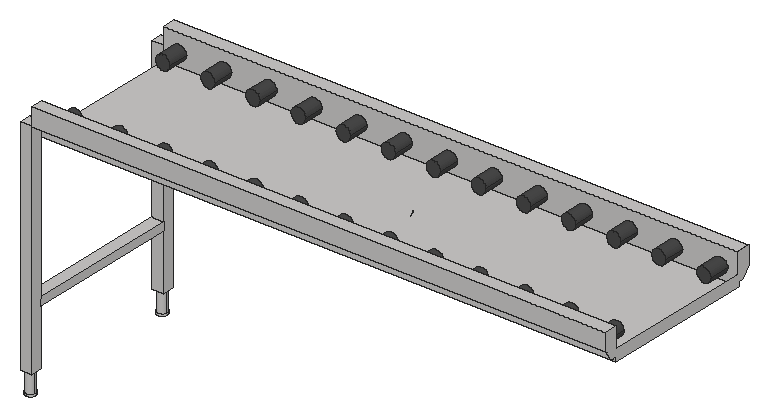
Revit family "QF_ELECTROLUXPROFESSIONAL_863007_HSSRC20", category Specialty Equipment, Revit 2018
Family settings
  Round Connector Dimension = Use Diameter
  Part Type = Normal
  Work Plane-Based = No
  Always vertical = Yes
  Cut with Voids When Loaded = No
  Shared = No
  Room Calculation Point = No
Parameters
  Weight = 0.00 kg
  Watts = 0 W
  Volts = 0 V
  URL Manufacturer = "http://professional.electrolux.com/"
  URL = "http://professional.electrolux.com/"
  Steam Supply Size = 0 mm
  Steam Supply Minimum Pressure = 0.0 Pa
  Steam Supply Maximum Pressure = 0.0 Pa
  Steam Pounds per Hour = 0
  Refrigeration Suction Line Size = 0 mm
  Refrigeration Liquid Line Size = 0 mm
  Refrigerant Compressor Remote = yes
  Manufacturer = "Electrolux"
  Phase = 0
  Model = "HSSRC20"
  Length Actual = 2000 mm  # constant formula
  Item Number = "863007"
  Hot Water Size = 0 mm
  Height Actual = 910 mm  # constant formula
  HP = "0 HP"
  Gas Size = 0 mm
  Gas KW = 0
  Gas Input Pressure = 0 W
  Description = "CONVEYOR, SHORT ROLLERS, L=2000 MM"
  Depth Actual = 620 mm  # constant formula
  Cycle = 0 Hz
  Condensate Return Size = 0 mm
  Compressed Air Volume = 0.0 L/s
  Compressed Air Size = 0 mm
  Compressed Air Pressure = 0.0 Pa
  Cold Water Size = 0 mm
  Accessory = yes
Reference planes
  plane 1 "Centro (Fronte/Retro)": y = 74.737
  plane 2: z = 0
  plane 3 "LEFT": x = -1038.761
  plane 4 "BACK": y = 384.737
  plane 5 "FRONT": y = -235.263
  plane 6: z = 910
  plane 7 "RIGHT": x = 961.239
  plane 8: x = -8.761
Forms (mm)
  Extrusion 1, solid, material "QF_Finishes_Stainless Steel"
    sketch origin (0, 74.737, 0) x (1, 0, 0) y (0, 0, 1)
      loop
        line (-1079.929, 300) -> (-1079.929, 270) -> (-1039.929, 270) -> (-1039.929, 300) -> (-1079.929, 300)
    from -266.504 to 266.46
  Extrusion 2, solid, material "QF_Finishes_Stainless Steel"
    sketch origin (11.239, 0, 0) x (0, 1, 0) y (0, 0, 1)
      loop
        line (-235.263, 910) -> (-235.263, 850.033) -> (-190.242, 850.033) -> (-190.242, 910) -> (-235.263, 910)
      loop
        line (384.737, 910) -> (339.716, 910) -> (339.716, 850.033) -> (384.737, 850.033) -> (384.737, 910)
    from -1050 to 948.8
  Extrusion 3, solid, material "QF_Finishes_Stainless Steel"
    sketch origin (11.239, 0, 0) x (0, 1, 0) y (0, 0, 1)
      loop
        line (-191.727, 850.033) -> (-191.727, 800.081) -> (341.245, 800.081) -> (341.245, 850.033) -> (339.716, 850.033) -> (339.716, 803.081) -> (-190.242, 803.081) -> (-190.242, 850.033) -> (-191.727, 850.033)
    from -1050 to 948.8
  Extrusion 4, solid, material "QF_Finishes_Stainless Steel"
    sketch origin (2461.239, 723.253, 4000) x (0, 1, 0) y (0, 0, 1)
      loop
        line (-958.516, -3090) -> (-958.516, -3149.967) -> (-934.752, -3185.632) -> (-915.4, -3185.632) -> (-915.4, -3199.919) -> (-381.633, -3199.919) -> (-381.633, -3185.632) -> (-362.281, -3185.632) -> (-338.516, -3149.967) -> (-338.516, -3090) -> (-383.538, -3090) -> (-383.538, -3161.926) -> (-913.495, -3161.926) -> (-913.495, -3090) -> (-958.516, -3090)
    from -1500 to -1501.2
  Revolve 5, solid, material "QF_Finishes_Stainless Steel"
    sketch origin (-38.746, 0, 0) x (0, 1, 0) y (0, 0, 1)
      loop
        line (74.737, 800.081) -> (12.53, 800.081) -> (12.319, 797.4) -> (12.319, 785.476) -> (17.293, 785.476) -> (17.293, 781.772)
        arc (17.293, 781.772) -> (20.266, 773.808) -> (27.77, 769.813) r 11.998
        line (27.77, 769.813) -> (74.737, 764.085) -> (74.737, 800.081)
      axis (74.737, 764.085) -> (74.737, 800.081)
    angle from 0 to 360
  Revolve 6, solid, material "QF_Finishes_Stainless Steel"
    sketch origin (-8.746, -1524, 744.096) x (0, 0, 1) y (0, -1, 0)
      loop
        line (13.017, -1619.713) -> (30, -1619.713) -> (30, -1598.737) -> (0, -1598.737) -> (0, -1619.713) -> (2.434, -1622.253) -> (10.477, -1622.253) -> (13.017, -1619.713)
      axis (0, -1598.737) -> (30, -1598.737)
    angle from 0 to 360
  Extrusion 7, solid, material "QF_Finishes_Black"
    sketch origin (0, 74.737, 0) x (1, 0, 0) y (0, 0, 1)
      loop
        circle (-980.637, 850.115) r 25
      loop
        circle (-823.648, 850.115) r 25
      loop
        circle (-666.658, 850.115) r 25
      loop
        circle (-509.668, 850.115) r 25
      loop
        circle (-352.678, 850.115) r 25
      loop
        circle (-38.699, 850.115) r 25
      loop
        circle (118.291, 850.115) r 25
      loop
        circle (432.27, 850.115) r 25
      loop
        circle (275.28, 850.115) r 25
      loop
        circle (903.239, 850.115) r 25
      loop
        circle (589.26, 850.115) r 25
      loop
        circle (746.249, 850.115) r 25
      loop
        circle (-195.689, 850.115) r 25
    from 190.58 to 260.534
  Extrusion 8, solid, material "QF_Finishes_Black"
    sketch origin (0, 74.737, 0) x (1, 0, 0) y (0, 0, -1)
      loop
        circle (-980.637, -850.115) r 25
      loop
        circle (-823.648, -850.115) r 25
      loop
        circle (-666.658, -850.115) r 25
      loop
        circle (-509.668, -850.115) r 25
      loop
        circle (-352.678, -850.115) r 25
      loop
        circle (-38.699, -850.115) r 25
      loop
        circle (118.291, -850.115) r 25
      loop
        circle (432.27, -850.115) r 25
      loop
        circle (275.28, -850.115) r 25
      loop
        circle (903.239, -850.115) r 25
      loop
        circle (589.26, -850.115) r 25
      loop
        circle (746.249, -850.115) r 25
      loop
        circle (-195.689, -850.115) r 25
    from 190.58 to 260.534
Cuts and joins
  joined: Extrusion 2, Extrusion 3
Lines and regions (mm)
  Split face 1
    outline origin (2008.239, 339.716, 803.081) x (-1, 0, 0) y (0, -1, 0)
      loop
        circle (2047, 264.904) r 3.016
  Split face 2
    outline origin (2008.239, 339.716, 803.081) x (-1, 0, 0) y (0, -1, 0)
      loop
        circle (2047, 264.904) r 52.991
  Split face 3
    outline origin (2008.239, 339.716, 803.081) x (-1, 0, 0) y (0, -1, 0)
      loop
        circle (2047, 264.904) r 36.015
  Split face 4
    outline origin (2008.239, 339.716, 803.081) x (-1, 0, 0) y (0, -1, 0)
      loop
        circle (2047, 264.904) r 26.027
  Split face 5
    outline origin (2008.239, 339.716, 803.081) x (-1, 0, 0) y (0, -1, 0)
      loop
        circle (2047, 264.904) r 9.056
  Masking region 1
    outline origin (0, 0, 0) x (1, 0, 0) y (0, 1, 0)
      loop
        line (-1038.761, 384.737) -> (-1038.761, -235.263) -> (961.239, -235.263) -> (961.239, 384.737) -> (-1038.761, 384.737)
  symbolic lines
    curve 1: line (961.239, 384.737, 0) -> (-1038.761, 384.737, 0)
    curve 2: line (-1038.761, 384.737, 0) -> (-1038.761, -235.263, 0)
    curve 3: line (-1038.761, 339.716, 0) -> (961.239, 339.716, 0)
    curve 4: line (-1038.761, -235.263, 0) -> (961.239, -235.263, 0)
    curve 5: line (961.239, -235.263, 0) -> (961.239, 384.737, 0)
    curve 6: line (961.239, -190.242, 0) -> (-1038.761, -190.242, 0)
    curve 7: line (961.239, 74.737, 0) -> (931.239, 74.737, 0)
    curve 8: line (-1038.761, 74.737, 0) -> (-1008.761, 74.737, 0)
    curve 9: arc (-38.685, 12.319, 0) -> (-101.104, 74.737, 0) -> (-38.685, 137.156, 0) r 62.418
    curve 10: arc (-38.685, 137.156, 0) -> (23.733, 74.737, 0) -> (-38.685, 12.319, 0) r 62.418
    curve 11: arc (-8.685, 95.713, 0) -> (-29.662, 74.737, 0) -> (-8.685, 53.761, 0) r 20.976
    curve 12: arc (-8.685, 53.761, 0) -> (12.291, 74.737, 0) -> (-8.685, 95.713, 0) r 20.976
    curve 13: line (-955.637, -115.842, 0) -> (-1005.637, -115.842, 0)
    curve 14: line (-1005.637, -115.842, 0) -> (-1005.637, -185.797, 0)
    curve 15: line (-1005.637, -185.797, 0) -> (-955.637, -185.797, 0)
    curve 16: line (-955.637, -185.797, 0) -> (-955.637, -115.842, 0)
    curve 17: line (457.27, -115.842, 0) -> (407.27, -115.842, 0)
    curve 18: line (407.27, -115.842, 0) -> (407.27, -185.797, 0)
    curve 19: line (407.27, -185.797, 0) -> (457.27, -185.797, 0)
    curve 20: line (457.27, -185.797, 0) -> (457.27, -115.842, 0)
    curve 21: line (-848.648, -115.842, 0) -> (-798.648, -115.842, 0)
    curve 22: line (-798.648, -115.842, 0) -> (-798.648, -185.797, 0)
    curve 23: line (-798.648, -185.797, 0) -> (-848.648, -185.797, 0)
    curve 24: line (-848.648, -185.797, 0) -> (-848.648, -115.842, 0)
    curve 25: line (-641.658, -115.842, 0) -> (-691.658, -115.842, 0)
    curve 26: line (-691.658, -115.842, 0) -> (-691.658, -185.797, 0)
    curve 27: line (-691.658, -185.797, 0) -> (-641.658, -185.797, 0)
    curve 28: line (-641.658, -185.797, 0) -> (-641.658, -115.842, 0)
    curve 29: line (-484.668, -115.842, 0) -> (-534.668, -115.842, 0)
    curve 30: line (-534.668, -115.842, 0) -> (-534.668, -185.797, 0)
    curve 31: line (-534.668, -185.797, 0) -> (-484.668, -185.797, 0)
    curve 32: line (-484.668, -185.797, 0) -> (-484.668, -115.842, 0)
    curve 33: line (-327.678, -115.842, 0) -> (-377.678, -115.842, 0)
    curve 34: line (-377.678, -115.842, 0) -> (-377.678, -185.797, 0)
    curve 35: line (-377.678, -185.797, 0) -> (-327.678, -185.797, 0)
    curve 36: line (-327.678, -185.797, 0) -> (-327.678, -115.842, 0)
    curve 37: line (-170.689, -115.842, 0) -> (-220.689, -115.842, 0)
    curve 38: line (-220.689, -115.842, 0) -> (-220.689, -185.797, 0)
    curve 39: line (-220.689, -185.797, 0) -> (-170.689, -185.797, 0)
    curve 40: line (-170.689, -185.797, 0) -> (-170.689, -115.842, 0)
    curve 41: line (-13.699, -115.842, 0) -> (-63.699, -115.842, 0)
    curve 42: line (-63.699, -115.842, 0) -> (-63.699, -185.797, 0)
    curve 43: line (-63.699, -185.797, 0) -> (-13.699, -185.797, 0)
    curve 44: line (-13.699, -185.797, 0) -> (-13.699, -115.842, 0)
    curve 45: line (143.291, -115.842, 0) -> (93.291, -115.842, 0)
    curve 46: line (93.291, -115.842, 0) -> (93.291, -185.797, 0)
    curve 47: line (93.291, -185.797, 0) -> (143.291, -185.797, 0)
    curve 48: line (143.291, -185.797, 0) -> (143.291, -115.842, 0)
    curve 49: line (300.28, -115.842, 0) -> (250.28, -115.842, 0)
    curve 50: line (250.28, -115.842, 0) -> (250.28, -185.797, 0)
    curve 51: line (250.28, -185.797, 0) -> (300.28, -185.797, 0)
    curve 52: line (300.28, -185.797, 0) -> (300.28, -115.842, 0)
    curve 53: line (928.239, -115.842, 0) -> (878.239, -115.842, 0)
    curve 54: line (878.239, -115.842, 0) -> (878.239, -185.797, 0)
    curve 55: line (878.239, -185.797, 0) -> (928.239, -185.797, 0)
    curve 56: line (928.239, -185.797, 0) -> (928.239, -115.842, 0)
    curve 57: line (614.26, -115.842, 0) -> (564.26, -115.842, 0)
    curve 58: line (564.26, -115.842, 0) -> (564.26, -185.797, 0)
    curve 59: line (564.26, -185.797, 0) -> (614.26, -185.797, 0)
    curve 60: line (614.26, -185.797, 0) -> (614.26, -115.842, 0)
    curve 61: line (771.249, -115.842, 0) -> (721.249, -115.842, 0)
    curve 62: line (721.249, -115.842, 0) -> (721.249, -185.797, 0)
    curve 63: line (721.249, -185.797, 0) -> (771.249, -185.797, 0)
    curve 64: line (771.249, -185.797, 0) -> (771.249, -115.842, 0)
    curve 65: line (-955.637, 265.317, 0) -> (-1005.637, 265.317, 0)
    curve 66: line (-1005.637, 265.317, 0) -> (-1005.637, 335.271, 0)
    curve 67: line (-1005.637, 335.271, 0) -> (-955.637, 335.271, 0)
    curve 68: line (-955.637, 335.271, 0) -> (-955.637, 265.317, 0)
    curve 69: line (457.27, 265.317, 0) -> (407.27, 265.317, 0)
    curve 70: line (407.27, 265.317, 0) -> (407.27, 335.271, 0)
    curve 71: line (407.27, 335.271, 0) -> (457.27, 335.271, 0)
    curve 72: line (457.27, 335.271, 0) -> (457.27, 265.317, 0)
    curve 73: line (-848.648, 265.317, 0) -> (-798.648, 265.317, 0)
    curve 74: line (-798.648, 265.317, 0) -> (-798.648, 335.271, 0)
    curve 75: line (-798.648, 335.271, 0) -> (-848.648, 335.271, 0)
    curve 76: line (-848.648, 335.271, 0) -> (-848.648, 265.317, 0)
    curve 77: line (-641.658, 265.317, 0) -> (-691.658, 265.317, 0)
    curve 78: line (-691.658, 265.317, 0) -> (-691.658, 335.271, 0)
    curve 79: line (-691.658, 335.271, 0) -> (-641.658, 335.271, 0)
    curve 80: line (-641.658, 335.271, 0) -> (-641.658, 265.317, 0)
    curve 81: line (-484.668, 265.317, 0) -> (-534.668, 265.317, 0)
    curve 82: line (-534.668, 265.317, 0) -> (-534.668, 335.271, 0)
    curve 83: line (-534.668, 335.271, 0) -> (-484.668, 335.271, 0)
    curve 84: line (-484.668, 335.271, 0) -> (-484.668, 265.317, 0)
    curve 85: line (-327.678, 265.317, 0) -> (-377.678, 265.317, 0)
    curve 86: line (-377.678, 265.317, 0) -> (-377.678, 335.271, 0)
    curve 87: line (-377.678, 335.271, 0) -> (-327.678, 335.271, 0)
    curve 88: line (-327.678, 335.271, 0) -> (-327.678, 265.317, 0)
    curve 89: line (-170.689, 265.317, 0) -> (-220.689, 265.317, 0)
    curve 90: line (-220.689, 265.317, 0) -> (-220.689, 335.271, 0)
    curve 91: line (-220.689, 335.271, 0) -> (-170.689, 335.271, 0)
    curve 92: line (-170.689, 335.271, 0) -> (-170.689, 265.317, 0)
    curve 93: line (-13.699, 265.317, 0) -> (-63.699, 265.317, 0)
    curve 94: line (-63.699, 265.317, 0) -> (-63.699, 335.271, 0)
    curve 95: line (-63.699, 335.271, 0) -> (-13.699, 335.271, 0)
    curve 96: line (-13.699, 335.271, 0) -> (-13.699, 265.317, 0)
    curve 97: line (143.291, 265.317, 0) -> (93.291, 265.317, 0)
    curve 98: line (93.291, 265.317, 0) -> (93.291, 335.271, 0)
    curve 99: line (93.291, 335.271, 0) -> (143.291, 335.271, 0)
    curve 100: line (143.291, 335.271, 0) -> (143.291, 265.317, 0)
    curve 101: line (300.28, 265.317, 0) -> (250.28, 265.317, 0)
    curve 102: line (250.28, 265.317, 0) -> (250.28, 335.271, 0)
    curve 103: line (250.28, 335.271, 0) -> (300.28, 335.271, 0)
    curve 104: line (300.28, 335.271, 0) -> (300.28, 265.317, 0)
    curve 105: line (928.239, 265.317, 0) -> (878.239, 265.317, 0)
    curve 106: line (878.239, 265.317, 0) -> (878.239, 335.271, 0)
    curve 107: line (878.239, 335.271, 0) -> (928.239, 335.271, 0)
    curve 108: line (928.239, 335.271, 0) -> (928.239, 265.317, 0)
    curve 109: line (614.26, 265.317, 0) -> (564.26, 265.317, 0)
    curve 110: line (564.26, 265.317, 0) -> (564.26, 335.271, 0)
    curve 111: line (564.26, 335.271, 0) -> (614.26, 335.271, 0)
    curve 112: line (614.26, 335.271, 0) -> (614.26, 265.317, 0)
    curve 113: line (771.249, 265.317, 0) -> (721.249, 265.317, 0)
    curve 114: line (721.249, 265.317, 0) -> (721.249, 335.271, 0)
    curve 115: line (721.249, 335.271, 0) -> (771.249, 335.271, 0)
    curve 116: line (771.249, 335.271, 0) -> (771.249, 265.317, 0)
Dimensions and locks
  plane 3 "LEFT" to plane 7 "RIGHT" = 2000 mm
  equal spacing: plane 4 "BACK", plane 1 "Centro (Fronte/Retro)", plane 5 "FRONT"
  plane 4 "BACK" to plane 5 "FRONT" = 620 mm
  locked: Extrusion 7 sketch curve to plane 3 "LEFT" at 58.124
  locked: plane 7 "RIGHT" to Extrusion 7 sketch curve at 58
  aligned and locked: level to plane 2
  aligned and locked: Extrusion 2 to Extrusion 3
Automatic sketch dimensions
  curve 9 to curve 10 = 0 mm  (x2)
  curve 11 to curve 12 = 0 mm  (x2)
  curve 6 to plane 3 "LEFT" = 0 mm
  plane 1 "Centro (Fronte/Retro)" to curve 8 = 0 mm
  plane 1 "Centro (Fronte/Retro)" to curve 10 = 0 mm
  plane 1 "Centro (Fronte/Retro)" to curve 11 = 0 mm
  plane 1 "Centro (Fronte/Retro)" to curve 7 = 0 mm
  curve 6 to plane 7 "RIGHT" = 0 mm
  curve 4 to plane 5 "FRONT" = 0 mm
  curve 2 to plane 4 "BACK" = 0 mm
  plane 3 "LEFT" to curve 67 = 33.124 mm
  plane 3 "LEFT" to curve 14 = 33.124 mm
  curve 66 to curve 68 = 50 mm
  curve 13 to curve 16 = 50 mm
  curve 75 to plane 4 "BACK" = 49.466 mm
  curve 67 to curve 75 = 106.99 mm
  curve 13 to curve 21 = 106.99 mm
  curve 73 to curve 73 = 50 mm
  curve 21 to curve 21 = 50 mm
  curve 73 to curve 77 = 106.99 mm
  curve 21 to curve 26 = 106.99 mm
  curve 26 to curve 27 = 50 mm
  curve 78 to curve 79 = 50 mm
  curve 77 to curve 81 = 106.99 mm
  plane 5 "FRONT" to curve 31 = 49.466 mm
  curve 27 to curve 31 = 106.99 mm
  curve 30 to curve 31 = 50 mm
  curve 82 to curve 84 = 50 mm
  plane 5 "FRONT" to curve 35 = 49.466 mm
  curve 31 to curve 35 = 106.99 mm
  curve 81 to curve 85 = 106.99 mm
  curve 85 to curve 85 = 50 mm
  curve 34 to curve 36 = 50 mm
  plane 5 "FRONT" to curve 39 = 49.466 mm
  curve 35 to curve 39 = 106.99 mm
  curve 90 to plane 4 "BACK" = 49.466 mm
  curve 87 to curve 90 = 106.99 mm
  curve 38 to curve 40 = 50 mm
  curve 89 to curve 89 = 50 mm
  curve 41 to plane 8 = 54.938 mm
  curve 93 to plane 8 = 54.938 mm
  curve 10 to plane 8 = 29.924 mm
  curve 43 to plane 8 = 4.938 mm
  curve 96 to plane 8 = 4.938 mm
  plane 8 to curve 11 = 0.076 mm
  plane 5 "FRONT" to curve 46 = 49.466 mm
  plane 8 to curve 46 = 102.052 mm
  curve 99 to plane 4 "BACK" = 49.466 mm
  plane 8 to curve 99 = 102.052 mm
  curve 97 to curve 97 = 50 mm
  curve 45 to curve 48 = 50 mm
  plane 5 "FRONT" to curve 50 = 49.466 mm
  curve 47 to curve 50 = 106.99 mm
  curve 97 to curve 101 = 106.99 mm
  curve 49 to curve 49 = 50 mm
  curve 101 to curve 104 = 50 mm
  curve 101 to curve 69 = 106.99 mm
  plane 5 "FRONT" to curve 18 = 49.466 mm
  curve 51 to curve 18 = 106.99 mm
  curve 69 to curve 69 = 50 mm
  curve 17 to curve 17 = 50 mm
  curve 111 to plane 4 "BACK" = 49.466 mm
  curve 71 to curve 111 = 106.99 mm
  plane 5 "FRONT" to curve 59 = 49.466 mm
  curve 19 to curve 59 = 106.99 mm
  curve 57 to curve 57 = 50 mm
  curve 109 to curve 109 = 50 mm
  plane 5 "FRONT" to curve 63 = 49.466 mm
  curve 59 to curve 63 = 106.99 mm
  curve 114 to plane 4 "BACK" = 49.466 mm
  curve 111 to curve 114 = 106.99 mm
  curve 61 to curve 64 = 50 mm
  curve 113 to curve 116 = 50 mm
  curve 54 to plane 7 "RIGHT" = 83 mm
  curve 105 to plane 7 "RIGHT" = 83 mm
  curve 56 to plane 7 "RIGHT" = 33 mm
  curve 108 to plane 7 "RIGHT" = 33 mm
  plane 5 "FRONT" to curve 56 = 49.466 mm
  plane 5 "FRONT" to curve 44 = 49.466 mm
  plane 5 "FRONT" to curve 14 = 49.466 mm
  plane 5 "FRONT" to curve 22 = 49.466 mm
  plane 5 "FRONT" to curve 28 = 49.466 mm
  curve 26 to curve 26 = 69.954 mm
  curve 31 to curve 29 = 69.954 mm
  curve 23 to curve 24 = 69.954 mm
  curve 58 to curve 58 = 69.954 mm
  curve 35 to curve 33 = 69.954 mm
  curve 19 to curve 20 = 69.954 mm
  curve 39 to curve 37 = 69.954 mm
  curve 15 to curve 16 = 69.954 mm
  curve 43 to curve 41 = 69.954 mm
  curve 54 to curve 53 = 69.954 mm
  curve 47 to curve 45 = 69.954 mm
  curve 51 to curve 49 = 69.954 mm
  curve 63 to curve 61 = 69.954 mm
  curve 116 to curve 115 = 69.954 mm
  curve 112 to curve 111 = 69.954 mm
  curve 65 to plane 4 "BACK" = 119.42 mm
  curve 108 to plane 4 "BACK" = 119.42 mm
  curve 69 to curve 109 = 0 mm
  curve 104 to curve 69 = 0 mm
  curve 73 to curve 75 = 69.954 mm
  curve 100 to curve 99 = 69.954 mm
  curve 77 to plane 4 "BACK" = 119.42 mm
  curve 96 to curve 97 = 0 mm
  curve 81 to plane 4 "BACK" = 119.42 mm
  curve 92 to curve 91 = 69.954 mm
  curve 85 to curve 89 = 0 mm
  curve 88 to plane 4 "BACK" = 49.466 mm
  curve 84 to plane 4 "BACK" = 49.466 mm
  curve 80 to plane 4 "BACK" = 49.466 mm
  curve 94 to plane 4 "BACK" = 49.466 mm
  curve 72 to plane 4 "BACK" = 49.466 mm
  curve 102 to plane 4 "BACK" = 49.466 mm
  curve 68 to plane 4 "BACK" = 49.466 mm
  curve 106 to plane 4 "BACK" = 49.466 mm
  curve 8 to curve 8 = 30 mm
  curve 7 to plane 7 "RIGHT" = 30 mm
  curve 6 to curve 55 = 4.445 mm
  curve 9 to curve 9 = 62.418 mm
  curve 11 to curve 11 = 20.976 mm
  curve 66 to curve 3 = 4.445 mm
  Extrusion 1 sketch curve to plane 3 "LEFT" = 41.168 mm
  Extrusion 1 sketch curve to plane 3 "LEFT" = 1.168 mm
  level to Extrusion 1 sketch curve = 270 mm
  Extrusion 1 sketch curve to Extrusion 1 sketch curve = 30 mm
  Extrusion 2 sketch curve to plane 5 "FRONT" = 0 mm
  Extrusion 2 sketch curve to plane 6 = 0 mm  (x2)
  Extrusion 2 sketch curve to plane 4 "BACK" = 0 mm
  plane 5 "FRONT" to Extrusion 2 sketch curve = 45.021 mm
  Extrusion 2 sketch curve to plane 4 "BACK" = 45.021 mm
  Extrusion 2 sketch curve to Extrusion 2 sketch curve = 59.967 mm  (x2)
  plane 5 "FRONT" to Extrusion 3 sketch curve = 43.536 mm
  Extrusion 3 sketch curve to Extrusion 3 sketch curve = 1.486 mm
  Extrusion 3 sketch curve to plane 4 "BACK" = 45.021 mm
  Extrusion 3 sketch curve to Extrusion 3 sketch curve = 1.529 mm
  Extrusion 3 sketch curve to plane 6 = 109.919 mm
  Extrusion 3 sketch curve to Extrusion 3 sketch curve = 3 mm
  Extrusion 3 sketch curve to Extrusion 3 sketch curve = 46.952 mm  (x2)
  cut or joined group of Extrusion 2, Extrusion 3 to Split face 1 sketch curve = 264.904 mm
  Split face 1 sketch curve to cut or joined group of Extrusion 2, Extrusion 3 = 998.8 mm
  cut or joined group of Extrusion 2, Extrusion 3 to Split face 2 sketch curve = 264.904 mm
  Split face 2 sketch curve to cut or joined group of Extrusion 2, Extrusion 3 = 998.8 mm
  cut or joined group of Extrusion 2, Extrusion 3 to Split face 3 sketch curve = 264.904 mm
  Split face 3 sketch curve to cut or joined group of Extrusion 2, Extrusion 3 = 998.8 mm
  cut or joined group of Extrusion 2, Extrusion 3 to Split face 4 sketch curve = 264.904 mm
  Split face 4 sketch curve to cut or joined group of Extrusion 2, Extrusion 3 = 998.8 mm
  cut or joined group of Extrusion 2, Extrusion 3 to Split face 5 sketch curve = 264.904 mm
  Split face 5 sketch curve to cut or joined group of Extrusion 2, Extrusion 3 = 998.8 mm
  Masking region 1 sketch curve to plane 3 "LEFT" = 0 mm
  Masking region 1 sketch curve to plane 5 "FRONT" = 0 mm
  Masking region 1 sketch curve to plane 7 "RIGHT" = 0 mm
  Masking region 1 sketch curve to plane 4 "BACK" = 0 mm
  Extrusion 4 sketch curve to plane 5 "FRONT" = 0 mm
  Extrusion 4 sketch curve to plane 6 = 0 mm  (x2)
  Extrusion 4 sketch curve to plane 4 "BACK" = 0 mm
  plane 5 "FRONT" to Extrusion 4 sketch curve = 23.764 mm
  Extrusion 4 sketch curve to Extrusion 4 sketch curve = 19.352 mm  (x2)
  plane 5 "FRONT" to Extrusion 4 sketch curve = 45.021 mm
  Extrusion 4 sketch curve to plane 4 "BACK" = 45.021 mm
  Extrusion 4 sketch curve to Extrusion 4 sketch curve = 1.905 mm
  Extrusion 4 sketch curve to Extrusion 4 sketch curve = 59.967 mm  (x2)
  Extrusion 4 sketch curve to Extrusion 4 sketch curve = 11.959 mm
  Extrusion 4 sketch curve to Extrusion 4 sketch curve = 23.706 mm  (x2)
  Extrusion 4 sketch curve to Extrusion 4 sketch curve = 14.287 mm
  Revolve 5 sketch curve to plane 1 "Centro (Fronte/Retro)" = 0 mm  (x2)
  plane 1 "Centro (Fronte/Retro)" to Revolve 5 sketch curve = 45.447 mm
  Revolve 5 sketch curve to Revolve 5 sketch curve = 1.52 mm
  Revolve 5 sketch curve to Revolve 5 sketch curve = 11.998 mm
  Revolve 5 sketch curve to Revolve 5 sketch curve = 4.762 mm
  Revolve 5 sketch curve to Revolve 5 sketch curve = 4.974 mm
  Revolve 5 sketch curve to plane 6 = 145.915 mm
  Revolve 5 sketch curve to Revolve 5 sketch curve = 5.727 mm
  Revolve 5 sketch curve to Revolve 5 sketch curve = 11.901 mm
  Revolve 5 sketch curve to Revolve 5 sketch curve = 3.704 mm
  Revolve 5 sketch curve to Revolve 5 sketch curve = 11.924 mm
  Revolve 5 sketch curve to Revolve 5 sketch curve = 2.681 mm
  Revolve 5 sketch curve to Revolve 5 sketch curve = 3 mm
  Revolve 5 sketch curve to Revolve 5 sketch curve = 14.991 mm
  Revolve 6 sketch curve to plane 1 "Centro (Fronte/Retro)" = 0 mm  (x2)
  Revolve 6 sketch curve to plane 1 "Centro (Fronte/Retro)" = 20.976 mm
  Revolve 6 sketch curve to plane 6 = 165.904 mm
  Revolve 6 sketch curve to plane 1 "Centro (Fronte/Retro)" = 23.516 mm
  Revolve 6 sketch curve to Revolve 6 sketch curve = 2.434 mm
  Revolve 6 sketch curve to Revolve 6 sketch curve = 8.043 mm
  Revolve 6 sketch curve to Revolve 6 sketch curve = 2.54 mm  (x2)
  Revolve 6 sketch curve to Revolve 6 sketch curve = 16.983 mm
  Revolve 6 sketch curve to Revolve 6 sketch curve = 3.127 mm
  Revolve 6 sketch curve to Revolve 6 sketch curve = 7.343 mm
  Extrusion 7 sketch curve to plane 6 = 59.885 mm  (x13)
  Extrusion 7 sketch curve to Extrusion 7 sketch curve = 156.99 mm  (x9)
  Extrusion 7 sketch curve to plane 8 = 29.938 mm
  plane 8 to Extrusion 7 sketch curve = 127.052 mm
  plane 3 "LEFT" to Extrusion 8 sketch curve = 58.124 mm
  Extrusion 8 sketch curve to plane 6 = 59.885 mm  (x13)
  Extrusion 8 sketch curve to Extrusion 8 sketch curve = 156.99 mm  (x9)
  Extrusion 8 sketch curve to plane 8 = 29.938 mm
  plane 8 to Extrusion 8 sketch curve = 127.052 mm
  Extrusion 8 sketch curve to plane 7 "RIGHT" = 58 mm
  radius of Split face 1 sketch curve = 3.016 mm
  radius of Split face 2 sketch curve = 52.991 mm
  radius of Split face 3 sketch curve = 36.015 mm
  radius of Split face 4 sketch curve = 26.027 mm
  radius of Split face 5 sketch curve = 9.056 mm
  radius of Extrusion 7 sketch curve = 25 mm  (x13)
  radius of Extrusion 8 sketch curve = 25 mm  (x13)
Nested families
  nested 1: "Foot_40x40" at (-1059.929, -211.771, 0), type "Foot_40x40"
    with A 850.033 mm
  nested 2: "Foot_40x40" at (-1059.929, 361.245, 0), type "Foot_40x40"
    with A 850.033 mm
Connectors
  piping at (-8.746, 74.737, 744.096), diameter 30
    settings: on Revolve 6, index 5, connector inside diameter 609.6 mm, connector length 0 mm, flow factor 0, pipe flow 0.0 L/s, pressure drop 0.0 Pa, fitting loss kfactor 0, connector angle 0.00°, fixture units 0, engagement length 0 mm, angle of deflection 0.00°, flow configuration 1, flow direction 2, fitting loss method 0, system type 16, joint type 0, gender type 0, connector reference index -1, connector utility 0, adjustable connector no, is connector primary yes, connector description ""
Definition of nested family "Foot_40x40"
  Parameters
    A [instance] = 850 mm
  Reference planes
    plane 1 "Centro (Fronte/Retro)": y = 0
    plane 2: z = 0
    plane 3 "Centro (Sinistra/Destra)": x = 0
    plane 4: z = 850
  Forms (mm)
    Extrusion 1, solid
      sketch origin (0, 0, 0) x (1, 0, 0) y (0, 1, 0)
        loop
          circle (0, 0) r 18
      from 0 to 5
    Extrusion 2, solid
      sketch origin (0, 0, 5) x (1, 0, 0) y (0, 1, 0)
        loop
          circle (0, 0) r 15
      from 0 to 70
    Extrusion 3, solid
      sketch origin (0, 0, 75) x (1, 0, 0) y (0, 1, 0)
        loop
          line (-20, 20) -> (-20, -20) -> (20, -20) -> (20, 20) -> (-20, 20)
      from 0 to 775
  Dimensions and locks
    "A": plane 4 to plane 2
    aligned and locked: level to plane 2
    aligned and locked: plane 4 to Extrusion 3
    aligned and locked: Extrusion 1 to level
  Automatic sketch dimensions
    plane 1 "Centro (Fronte/Retro)" to Extrusion 1 sketch curve = 0 mm
    Extrusion 1 sketch curve to plane 3 "Centro (Sinistra/Destra)" = 0 mm
    Extrusion 3 sketch curve to Extrusion 3 sketch curve = 40 mm  (x2)
    radius of Extrusion 1 sketch curve = 18 mm
    radius of Extrusion 2 sketch curve to Extrusion 1 = 3 mm
